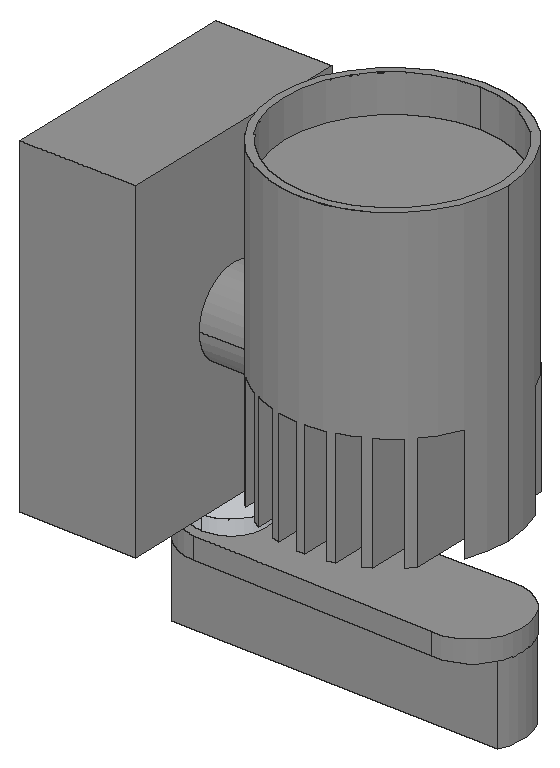
Revit family "2059798 Sylvania Lighting Fixture BEACON MUSE Xicato 4K O B DIM LS3 Black", category Lighting Fixtures, host Face, Revit 2016
Family settings
  Host = Face
  Part Type = Normal
  Round Connector Dimension = Use Diameter
  OmniClass Number = 23.80.70.00
  OmniClass Title = Lighting
  Cut with Voids When Loaded = No
  Light Source = Yes
  Shared = No
  Room Calculation Point = No
Parameters (values of type "2059798 BEACON MUSE XICATO 4K O/B DIM LS3 BLK")
  head from driver = 52 mm
  driver head distance = 15 mm
  ceiling drop = 180 mm
  Weight = "n/a"
  Wattage Comments = ""
  Wattage = 0 W
  WarrantyStartDate [instance] = "n/a"
  WarrantyGuarantorParts = ""
  WarrantyDurationUnit = "http://www.sylvania-lighting.com"
  WarrantyDurationParts = "n/a"
  WarrantyDescription = "0.95"
  built-in parameter 1150110 = 1 (stored number, unit not read)
  Voltage = 0 V
  URL = "\\\\svlondc02\\data\\R&D_Fixtures_General\\Dialux Admin\\Michael H\\Bim\\All ranges Feilo\\not Completed\\Beacon Xicato\\Beacon Muse Xicato\\2059798.ies"
  TypeName = "BEACON MUSE Xicato 4K O/B DIM LS3 Black"
  Type Image = <None>
  Type Comments = "n/a"
  built-in parameter 1114217 = 1 (stored number, unit not read)
  Tilt Angle = 90.00°
  built-in parameter 1150109 = 1 (stored number, unit not read)
  built-in parameter 1150134 = 3
  built-in parameter 1150113 = 1 (stored number, unit not read)
  SerialNumber [instance] = "n/a"
  Photometric Web File = "2059798.ies"
  Material_3_FEILO = none
  PowerFactor = 0
  PowerConsumption = "0"
  NominalLength = 0 mm
  NominalHeight = 0 mm
  NominalDepth = 0 mm
  Name = "BEACON MUSE Xicato 4K O/B DIM LS3 Black"
  ModelReference = Name  # "BEACON MUSE Xicato 4K O/B DIM LS3 Black"
  ModelNumber = "2059798"
  Model = Name  # "BEACON MUSE Xicato 4K O/B DIM LS3 Black"
  Material = ""
  ManufacturerName = ""
  Manufacturer = ""
  LuminousEfficacy = "100"
  built-in parameter 1150105 = (empty or 0)
  Lumens = 0 lm
  LuminaireType = "395/698 lm"
  built-in parameter 1150115 = 1 (stored number, unit not read)
  Lighting Material = none
  LightOutputRatio = "3"
  built-in parameter 1150137 = (empty or 0)
  built-in parameter 1150139 = (empty or 0)
  Light = none
  LampsType = Lamp  # "n/a"
  LampNominalLuminous = "LED"
  LampMacAdamStep = "16500"
  LampColourTemperature = "n/a"
  LampColourRenderingIndex = "n/a"
  built-in parameter 1150112 = 1 (stored number, unit not read)
  built-in parameter 1150114 = 1 (stored number, unit not read)
  Lamp = "n/a"
  Keynote = "0"
  InstallationDate [instance] = "n/a"
  InputVoltage = "IP20"
  InputNominalFrequency = "IK02"
  built-in parameter 1150132 = (empty or 0)
  built-in parameter 1150102 = (empty or 0)
  built-in parameter 1150107 = 3200 (stored number, unit not read)
  built-in parameter 1150138 = (empty or 0)
  IngressProtection = ""
  ImpactProtectionIndex = "Class II"
  built-in parameter 1150106 = (empty or 0)
  IfcExportType = "IfcLightFixtureType"
  IfcExportAs = "35"
  Head Length [instance] = 142 mm
  ExpectedLife = 50000
  Emit from Circle Diameter = 609.6 mm
  Emit Shape Visible in Rendering = no
  ElectricShockClassification = ""
  built-in parameter 1150104 = 13.8 (stored number, unit not read)
  DurationUnit = "hours"
  Driver Width = 85 mm
  DocumentationLiterature = "http://www.sylvania-lighting.com/product/en-int/products/2059798"
  DimmingControlOptions = "n/a"
  Material_2_FEILO = none
  Dimming Lamp Color Temperature Shift = <None>
  Diameter = 80 mm
  Description = "Integrated LED spotlight with Xicato Artist LED Module, black RAL 9005, unique soft-touch ring, adjustable beam angle from a 8° spot to a 55° flood, compact and minimalist design, ideal for museum, gallery and high-end retail applications, die-cast aluminium body, passive cooling heatsink, beam angle: 8° spot to 52° flood, optics: aspheric glass lens, colour temperature: 4000K neutral white, total system power: 20W, total fixture output: 395/698lm, luminaire efficacy: 35lm/W, LOR: 100%, colour rendering: Ra 97 typical, LED Chromacity: 3 step MacAdam ellipse, lifetime: >50,000 hours at L70B50, energy class: A++, A+, A, IR/UV free light source without heat radiation, operating voltage: 220-240V / 50-60Hz, drive current: 700mA, electronic driver, dimmable via on-board potentiometer, power factor: 0.9 electrical protection: CLASS II, 3-circuit track adaptor, suitable for Concord Lytespan 3 track, ingress protection rating: IP20, suitable for internal environment only, horizontal rotation: 355°, vertical tilt: 90°, dimensions: Ø80x135x176mm, weight: 0.95kg"
  Default Elevation = 115 mm
  CreatedOn = "02/07/2019"
  CreatedBy = "@sylvania-lighting.com"
  Cost = 0
  Color Filter = 16777215
  built-in parameter 1114216 [instance] = (empty or 0)
  ClassificationValue = "EF_70_80"
  ClassificationName = "Uniclass2015"
  Material_1_FEILO = none
  BarCode [instance] = "n/a"
  built-in parameter 1114218 = 1 (stored number, unit not read)
  built-in parameter 1150133 = 10 (stored number, unit not read)
  AssetType = "Fixed"
  AssetIdentifier [instance] = "n/a"
  Assembly Code = "D5020200"
  Apparent Load = 20 VA
  Material_4_FEILO = none
  Adaptor Width = 34.952 mm
  Adaptor Pivot = 24.952 mm
  Adaptor Inside Width = 16.53 mm
Reference planes
  plane 1 "Center (Front/Back)": y = 0
  plane 2: z = 0
  plane 3 "Center (Left/Right)": x = 0
  plane 4: y = 40
  plane 5: y = -40
  plane 6: x = -40
  plane 7: x = 40
  plane 8: z = 148
  plane 9: z = -14
  plane 10: x = -72.5
  plane 11: x = -112.5
  plane 12: z = 76
  plane 13: y = 42.5
  plane 14: y = -42.5
  plane 15: y = 17.476
  plane 16: y = -17.476
  plane 17: y = 12.476
  plane 18: y = -12.476
  plane 19: y = 8.265
  plane 20: y = -8.265
  plane 21: z = 5.5
  plane 22: z = 38
  plane 23: x = 35
  plane 24: x = 28
  plane 25: x = 25.5
  plane 26: x = 18.5
  plane 27: x = 16
  plane 28: x = 9
  plane 29: x = 6.5
  plane 30: x = -0.5
  plane 31: x = -3
  plane 32: x = -10
  plane 33: x = -12.5
  plane 34: x = -19.5
  plane 35: x = -22
  plane 36: x = -29
  plane 37: x = -31.5
  plane 38: x = -38.5
Forms (mm)
  Extrusion 1, solid, material "Aluminum", detail levels medium+fine
    sketch origin (0, 0, 0) x (1, 0, 0) y (0, 1, 0)
      loop
        circle (0, 0) r 40
    from 38 to 148
  Extrusion 2, solid, material "Aluminum", detail levels medium+fine
    sketch origin (17.5, 0, 0) x (1, 0, 0) y (0, 1, 0)
      loop
        line (-112.5, 42.5) -> (-112.5, -42.16) -> (-72.5, -42.16) -> (-72.5, 42.5) -> (-112.5, 42.5)
    from 18 to 133
  Extrusion 3, solid, material "Aluminum"
    sketch origin (336.5, 1524, 1219.2) x (0, 1, 0) y (0, 0, 1)
      loop
        circle (-1524, -1143.2) r 15
    from -391.5 to -373.374
  Extrusion 4, solid, detail levels fine
    sketch origin (16.702, -15.316, 18) x (0, 1, 0) y (1, 0, 0)
      loop
        circle (15.34, -72.5) r 12.5
    from 0 to 5
  Extrusion 5, solid, material "Aluminum", detail levels fine
    sketch origin (15.705, -27.856, 13) x (-1, 0, 0) y (0, 1, 0)
      loop
        arc (-11.998, 45.379) -> (-29.497, 27.722) -> (-11.683, 10.382) r 17.5
        line (-11.683, 10.382) -> (71.502, 11.879)
        arc (71.502, 11.879) -> (87.502, 27.879) -> (71.502, 43.879) r 16
        line (71.502, 43.879) -> (-11.998, 45.379)
    from 0 to 7.5
  Extrusion 6, void
    sketch origin (0, 0, 148) x (0, 1, 0) y (1, 0, 0)
      loop
        circle (0, 0) r 37.5
    from 0 to 15
  Extrusion 7, solid, material "Aluminum", detail levels fine
    sketch origin (17.5, 0, 0) x (1, 0, 0) y (0, 1, 0)
      loop
        arc (-87.012, 8.265) -> (-89.298, 0) -> (-87.012, -8.265) r 16.086
        line (-87.012, -8.265) -> (25.615, -8.265)
        arc (25.615, -8.265) -> (27.702, 0) -> (25.615, 8.265) r 17.405
        line (25.615, 8.265) -> (-87.012, 8.265)
    from -21.5 to 5.5
  Extrusion 8, solid, not visible
    sketch origin (0, 0, 0) x (1, 0, 0) y (0, 1, 0)
      loop
        circle (0, 0) r 57.5
    from 48 to 180
  Extrusion 9, void, not visible
    sketch origin (0, 0, 48) x (1, 0, 0) y (0, 1, 0)
      loop
        line (43.7, -85.519) -> (53.7, -85.519) -> (53.7, 68.594) -> (43.7, 68.594) -> (43.7, -85.519)
      loop
        line (39.9, -85.519) -> (39.9, 68.594) -> (29.9, 68.594) -> (29.9, -85.519) -> (39.9, -85.519)
      loop
        line (26.1, -85.519) -> (26.1, 68.594) -> (16.1, 68.594) -> (16.1, -85.519) -> (26.1, -85.519)
      loop
        line (12.3, -85.519) -> (12.3, 68.594) -> (2.3, 68.594) -> (2.3, -85.519) -> (12.3, -85.519)
      loop
        line (-1.5, -85.519) -> (-1.5, 68.594) -> (-11.5, 68.594) -> (-11.5, -85.519) -> (-1.5, -85.519)
      loop
        line (-15.3, -85.519) -> (-15.3, 68.594) -> (-25.3, 68.594) -> (-25.3, -85.519) -> (-15.3, -85.519)
      loop
        line (-29.1, -85.519) -> (-29.1, 68.594) -> (-39.1, 68.594) -> (-39.1, -85.519) -> (-29.1, -85.519)
      loop
        line (-42.9, -85.519) -> (-42.9, 68.594) -> (-52.9, 68.594) -> (-52.9, -85.519) -> (-42.9, -85.519)
    from 0 to 60
  Extrusion 10, solid, not visible
    sketch origin (319, 1524, 1219.2) x (0, 1, 0) y (0, 0, 1)
      loop
        circle (-1524, -1143.2) r 15
    from -391.5 to -361.9
  Extrusion 11, void, not visible
    sketch origin (0, 0, 180) x (0, 1, 0) y (1, 0, 0)
      loop
        circle (0, 0) r 53
    from 0 to 15
  Extrusion 12, solid, not visible
    sketch origin (0, 0, 0) x (1, 0, 0) y (0, 1, 0)
      loop
        circle (0, 0) r 57.5
    from 48 to 180
  Extrusion 13, solid, not visible
    sketch origin (0, 0, 0) x (1, 0, 0) y (0, 1, 0)
      loop
        line (-112.5, 42.5) -> (-112.5, -42.16) -> (-72.5, -42.16) -> (-72.5, 42.5) -> (-112.5, 42.5)
    from 18 to 133
  Extrusion 14, void, not visible
    sketch origin (0, 0, 48) x (1, 0, 0) y (0, 1, 0)
      loop
        line (43.7, -85.519) -> (53.7, -85.519) -> (53.7, 68.594) -> (43.7, 68.594) -> (43.7, -85.519)
      loop
        line (39.9, -85.519) -> (39.9, 68.594) -> (29.9, 68.594) -> (29.9, -85.519) -> (39.9, -85.519)
      loop
        line (26.1, -85.519) -> (26.1, 68.594) -> (16.1, 68.594) -> (16.1, -85.519) -> (26.1, -85.519)
      loop
        line (12.3, -85.519) -> (12.3, 68.594) -> (2.3, 68.594) -> (2.3, -85.519) -> (12.3, -85.519)
      loop
        line (-1.5, -85.519) -> (-1.5, 68.594) -> (-11.5, 68.594) -> (-11.5, -85.519) -> (-1.5, -85.519)
      loop
        line (-15.3, -85.519) -> (-15.3, 68.594) -> (-25.3, 68.594) -> (-25.3, -85.519) -> (-15.3, -85.519)
      loop
        line (-29.1, -85.519) -> (-29.1, 68.594) -> (-39.1, 68.594) -> (-39.1, -85.519) -> (-29.1, -85.519)
      loop
        line (-42.9, -85.519) -> (-42.9, 68.594) -> (-52.9, 68.594) -> (-52.9, -85.519) -> (-42.9, -85.519)
    from 0 to 60
  Extrusion 15, solid, not visible
    sketch origin (319, 1524, 1219.2) x (0, 1, 0) y (0, 0, 1)
      loop
        circle (-1524, -1143.2) r 15
    from -391.5 to -361.9
  Extrusion 16, void, not visible
    sketch origin (0, 0, 180) x (0, 1, 0) y (1, 0, 0)
      loop
        circle (0, 0) r 53
    from 0 to 15
  Extrusion 17, solid, not visible
    sketch origin (0, 0, 0) x (1, 0, 0) y (0, 1, 0)
      loop
        circle (0, 0) r 57.5
    from 48 to 180
  Extrusion 18, solid, not visible
    sketch origin (0, 0, 0) x (1, 0, 0) y (0, 1, 0)
      loop
        line (-112.5, 42.5) -> (-112.5, -42.16) -> (-72.5, -42.16) -> (-72.5, 42.5) -> (-112.5, 42.5)
    from 18 to 133
  Extrusion 19, void, not visible
    sketch origin (0, 0, 48) x (1, 0, 0) y (0, 1, 0)
      loop
        line (43.7, -85.519) -> (53.7, -85.519) -> (53.7, 68.594) -> (43.7, 68.594) -> (43.7, -85.519)
      loop
        line (39.9, -85.519) -> (39.9, 68.594) -> (29.9, 68.594) -> (29.9, -85.519) -> (39.9, -85.519)
      loop
        line (26.1, -85.519) -> (26.1, 68.594) -> (16.1, 68.594) -> (16.1, -85.519) -> (26.1, -85.519)
      loop
        line (12.3, -85.519) -> (12.3, 68.594) -> (2.3, 68.594) -> (2.3, -85.519) -> (12.3, -85.519)
      loop
        line (-1.5, -85.519) -> (-1.5, 68.594) -> (-11.5, 68.594) -> (-11.5, -85.519) -> (-1.5, -85.519)
      loop
        line (-15.3, -85.519) -> (-15.3, 68.594) -> (-25.3, 68.594) -> (-25.3, -85.519) -> (-15.3, -85.519)
      loop
        line (-29.1, -85.519) -> (-29.1, 68.594) -> (-39.1, 68.594) -> (-39.1, -85.519) -> (-29.1, -85.519)
      loop
        line (-42.9, -85.519) -> (-42.9, 68.594) -> (-52.9, 68.594) -> (-52.9, -85.519) -> (-42.9, -85.519)
    from 0 to 60
  Extrusion 20, solid, not visible
    sketch origin (319, 1524, 1219.2) x (0, 1, 0) y (0, 0, 1)
      loop
        circle (-1524, -1143.2) r 15
    from -391.5 to -361.9
  Extrusion 21, solid, not visible
    sketch origin (-0.798, -15.316, 18) x (0, 1, 0) y (1, 0, 0)
      loop
        circle (15.34, -72.5) r 12.5
    from 0 to 5
  Extrusion 22, solid, not visible
    sketch origin (-1.795, -27.856, 13) x (-1, 0, 0) y (0, 1, 0)
      loop
        arc (-11.998, 45.379) -> (-29.497, 27.722) -> (-11.683, 10.382) r 17.5
        line (-11.683, 10.382) -> (71.502, 11.879)
        arc (71.502, 11.879) -> (87.502, 27.879) -> (71.502, 43.879) r 16
        line (71.502, 43.879) -> (-11.998, 45.379)
    from 0 to 7.5
  Extrusion 23, void, not visible
    sketch origin (0, 0, 180) x (0, 1, 0) y (1, 0, 0)
      loop
        circle (0, 0) r 53
    from 0 to 15
  Extrusion 24, solid, not visible
    sketch origin (0, 0, 0) x (1, 0, 0) y (0, 1, 0)
      loop
        circle (0, 0) r 57.5
    from 48 to 180
  Extrusion 25, solid, not visible
    sketch origin (0, 0, 0) x (1, 0, 0) y (0, 1, 0)
      loop
        line (-112.5, 42.5) -> (-112.5, -42.16) -> (-72.5, -42.16) -> (-72.5, 42.5) -> (-112.5, 42.5)
    from 18 to 133
  Extrusion 26, void, not visible
    sketch origin (0, 0, 48) x (1, 0, 0) y (0, 1, 0)
      loop
        line (43.7, -85.519) -> (53.7, -85.519) -> (53.7, 68.594) -> (43.7, 68.594) -> (43.7, -85.519)
      loop
        line (39.9, -85.519) -> (39.9, 68.594) -> (29.9, 68.594) -> (29.9, -85.519) -> (39.9, -85.519)
      loop
        line (26.1, -85.519) -> (26.1, 68.594) -> (16.1, 68.594) -> (16.1, -85.519) -> (26.1, -85.519)
      loop
        line (12.3, -85.519) -> (12.3, 68.594) -> (2.3, 68.594) -> (2.3, -85.519) -> (12.3, -85.519)
      loop
        line (-1.5, -85.519) -> (-1.5, 68.594) -> (-11.5, 68.594) -> (-11.5, -85.519) -> (-1.5, -85.519)
      loop
        line (-15.3, -85.519) -> (-15.3, 68.594) -> (-25.3, 68.594) -> (-25.3, -85.519) -> (-15.3, -85.519)
      loop
        line (-29.1, -85.519) -> (-29.1, 68.594) -> (-39.1, 68.594) -> (-39.1, -85.519) -> (-29.1, -85.519)
      loop
        line (-42.9, -85.519) -> (-42.9, 68.594) -> (-52.9, 68.594) -> (-52.9, -85.519) -> (-42.9, -85.519)
    from 0 to 60
  Extrusion 27, solid, not visible
    sketch origin (319, 1524, 1219.2) x (0, 1, 0) y (0, 0, 1)
      loop
        circle (-1524, -1143.2) r 15
    from -391.5 to -361.9
  Extrusion 28, solid, not visible
    sketch origin (-0.798, -15.316, 18) x (0, 1, 0) y (1, 0, 0)
      loop
        circle (15.34, -72.5) r 12.5
    from 0 to 5
  Extrusion 29, solid, not visible
    sketch origin (-1.795, -27.856, 13) x (-1, 0, 0) y (0, 1, 0)
      loop
        arc (-11.998, 45.379) -> (-29.497, 27.722) -> (-11.683, 10.382) r 17.5
        line (-11.683, 10.382) -> (71.502, 11.879)
        arc (71.502, 11.879) -> (87.502, 27.879) -> (71.502, 43.879) r 16
        line (71.502, 43.879) -> (-11.998, 45.379)
    from 0 to 7.5
  Extrusion 30, void, not visible
    sketch origin (0, 0, 180) x (0, 1, 0) y (1, 0, 0)
      loop
        circle (0, 0) r 53
    from 0 to 15
  Extrusion 31, solid, not visible
    sketch origin (0, 0, 0) x (1, 0, 0) y (0, 1, 0)
      loop
        arc (-87.012, 8.265) -> (-89.298, 0) -> (-87.012, -8.265) r 16.086
        line (-87.012, -8.265) -> (25.615, -8.265)
        arc (25.615, -8.265) -> (27.702, 0) -> (25.615, 8.265) r 17.405
        line (25.615, 8.265) -> (-87.012, 8.265)
    from -21.5 to 5.5
  Extrusion 32, solid, material "Glass, White, High Luminance", detail levels medium+fine
    sketch origin (0, 0, 133) x (0, 1, 0) y (-1, 0, 0)
      loop
        circle (0, 0) r 37.5
    from 0 to 2
  Extrusion 33, void
    sketch origin (2, 0, 38) x (1, 0, 0) y (0, 1, 0)
      loop
        line (35, 50.956) -> (28, 50.956) -> (28, -46.879) -> (35, -46.879) -> (35, 50.956)
      loop
        line (25.5, 50.956) -> (18.5, 50.956) -> (18.5, -46.879) -> (25.5, -46.879) -> (25.5, 50.956)
      loop
        line (9, 50.956) -> (9, -46.879) -> (16, -46.879) -> (16, 50.956) -> (9, 50.956)
      loop
        line (-0.316, 50.956) -> (-0.316, -46.879) -> (6.5, -46.879) -> (6.5, 50.956) -> (-0.316, 50.956)
      loop
        line (-10, 50.956) -> (-10, -46.879) -> (-3, -46.879) -> (-3, 50.956) -> (-10, 50.956)
      loop
        line (-19.5, 50.956) -> (-19.5, -46.879) -> (-12.5, -46.879) -> (-12.5, 50.956) -> (-19.5, 50.956)
      loop
        line (-29, 50.956) -> (-29, -46.879) -> (-22, -46.879) -> (-22, 50.956) -> (-29, 50.956)
      loop
        line (-38.5, 50.956) -> (-38.5, -46.879) -> (-31.5, -46.879) -> (-31.5, 50.956) -> (-38.5, 50.956)
    from 0 to 40
  Extrusion 34, solid, detail levels coarse
    sketch origin (0, 0, 148) x (1, 0, 0) y (0, 1, 0)
      loop
        line (-95, 42.5) -> (-95, -42.16) -> (45, -42.16) -> (45, 42.5) -> (-95, 42.5)
    from -169.5 to 0
Cuts and joins
  Extrusion 6, Extrusion 33 cuts Extrusion 1
Lines and regions (mm)
  reference lines
    curve 1: line (-55.798, 12.524, 13) -> (-55.798, -12.476, 13)
    curve 2: line (-43.298, -15.316, 13) -> (-68.298, -15.316, 13)
  reference lines, not visible
    curve 3: line (-73.298, 12.524, 13) -> (-73.298, -12.476, 13)
    curve 4: line (-60.798, -15.316, 13) -> (-85.798, -15.316, 13)
    curve 5: line (-73.298, 12.524, 13) -> (-73.298, -12.476, 13)
    curve 6: line (-60.798, -15.316, 13) -> (-85.798, -15.316, 13)
Dimensions and locks
  "Diameter": plane 6 to plane 7
  equal spacing: plane 6, plane 3 "Center (Left/Right)", plane 7
  "Diameter": plane 4 to plane 5
  equal spacing: plane 4, plane 1 "Center (Front/Back)", plane 5
  plane 8 to level = 148 mm
  locked: plane 8 to plane 9 at 162
  "Driver Width": plane 13 to plane 14
  equal spacing: plane 13, plane 1 "Center (Front/Back)", plane 14
  "Adaptor Width": plane 15 to plane 16
  "Adaptor Pivot": plane 17 to plane 18
  equal spacing: plane 17, plane 1 "Center (Front/Back)", plane 18
  "Adaptor Inside Width": plane 19 to plane 20
  equal spacing: plane 19, plane 1 "Center (Front/Back)", plane 20
  "head from driver": plane 22 to plane 9
  aligned and locked: plane 2 to host face
  aligned and locked: level to host face
  aligned and locked: Extrusion 1 to plane 22
Automatic sketch dimensions
  host sketch curve to host sketch curve = 2438.4 mm  (x2)
  Extrusion 5 sketch curve to Extrusion 5 sketch curve = 83.185 mm
  Extrusion 5 sketch curve to Extrusion 5 sketch curve = 0.315 mm
  Extrusion 5 sketch curve to Extrusion 5 sketch curve = 1.5 mm
  Extrusion 5 sketch curve to Extrusion 5 sketch curve = 17.5 mm
  Extrusion 7 sketch curve to Extrusion 7 sketch curve = 15.318 mm
  Extrusion 9 sketch curve to Extrusion 9 sketch curve = 10 mm  (x8)
  Extrusion 9 sketch curve to Extrusion 9 sketch curve = 3.8 mm  (x7)
  Extrusion 9 sketch curve to Extrusion 9 sketch curve = 0 mm  (x14)
  Extrusion 9 sketch curve to Extrusion 9 sketch curve = 154.113 mm
  Extrusion 2 sketch curve to Extrusion 2 sketch curve = 40 mm
  Extrusion 2 sketch curve to Extrusion 2 sketch curve = 84.66 mm
  Extrusion 14 sketch curve to Extrusion 14 sketch curve = 10 mm  (x8)
  Extrusion 14 sketch curve to Extrusion 14 sketch curve = 3.8 mm  (x7)
  Extrusion 14 sketch curve to Extrusion 14 sketch curve = 0 mm  (x14)
  Extrusion 14 sketch curve to Extrusion 14 sketch curve = 154.113 mm
  Extrusion 13 sketch curve to Extrusion 13 sketch curve = 40 mm
  Extrusion 13 sketch curve to Extrusion 13 sketch curve = 84.66 mm
  Extrusion 19 sketch curve to Extrusion 19 sketch curve = 10 mm  (x8)
  Extrusion 19 sketch curve to Extrusion 19 sketch curve = 3.8 mm  (x7)
  Extrusion 19 sketch curve to Extrusion 19 sketch curve = 0 mm  (x14)
  Extrusion 19 sketch curve to Extrusion 19 sketch curve = 154.113 mm
  Extrusion 22 sketch curve to Extrusion 22 sketch curve = 83.185 mm
  Extrusion 22 sketch curve to Extrusion 22 sketch curve = 0.315 mm
  Extrusion 22 sketch curve to Extrusion 22 sketch curve = 1.5 mm
  Extrusion 22 sketch curve to Extrusion 22 sketch curve = 17.5 mm
  Extrusion 18 sketch curve to Extrusion 18 sketch curve = 40 mm
  Extrusion 18 sketch curve to Extrusion 18 sketch curve = 84.66 mm
  Extrusion 7 sketch curve to Extrusion 7 sketch curve = 0 mm  (x2)
  Extrusion 7 sketch curve to Extrusion 7 sketch curve = 13.8 mm
  Extrusion 7 sketch curve to Extrusion 7 sketch curve = 83.509 mm
  Extrusion 7 sketch curve to Extrusion 7 sketch curve = 8.265 mm
  Extrusion 26 sketch curve to Extrusion 26 sketch curve = 10 mm  (x8)
  Extrusion 26 sketch curve to Extrusion 26 sketch curve = 3.8 mm  (x7)
  Extrusion 26 sketch curve to Extrusion 26 sketch curve = 0 mm  (x14)
  Extrusion 26 sketch curve to Extrusion 26 sketch curve = 154.113 mm
  Extrusion 29 sketch curve to Extrusion 29 sketch curve = 83.185 mm
  Extrusion 29 sketch curve to Extrusion 29 sketch curve = 0.315 mm
  Extrusion 29 sketch curve to Extrusion 29 sketch curve = 1.5 mm
  Extrusion 29 sketch curve to Extrusion 29 sketch curve = 17.5 mm
  Extrusion 31 sketch curve to Extrusion 31 sketch curve = 15.318 mm
  Extrusion 25 sketch curve to Extrusion 25 sketch curve = 40 mm
  Extrusion 25 sketch curve to Extrusion 25 sketch curve = 84.66 mm
  Extrusion 31 sketch curve to Extrusion 31 sketch curve = 0 mm  (x2)
  Extrusion 31 sketch curve to Extrusion 31 sketch curve = 13.8 mm
  Extrusion 31 sketch curve to Extrusion 31 sketch curve = 83.509 mm
  Extrusion 31 sketch curve to Extrusion 31 sketch curve = 8.265 mm
  Extrusion 7 sketch curve to plane 19 = 0 mm
  plane 10 to Extrusion 7 sketch curve = 2.988 mm
  Extrusion 2 to Extrusion 4 sketch curve = 0.798 mm
  Extrusion 2 to Extrusion 4 sketch curve = 42.184 mm
  curve 2 to curve 1 = 2.84 mm
  curve 1 to curve 1 = 25 mm
  curve 2 to curve 1 = 12.5 mm
  curve 1 to curve 2 = 12.5 mm
  plane 11 to Extrusion 2 sketch curve = 17.5 mm
  plane 13 to Extrusion 2 sketch curve = 0 mm
  plane 1 "Center (Front/Back)" to Extrusion 1 sketch curve = 0 mm
  Extrusion 1 sketch curve to plane 3 "Center (Left/Right)" = 0 mm
  Extrusion 3 sketch curve to plane 1 "Center (Front/Back)" = 0 mm
  plane 12 to Extrusion 3 sketch curve = 0 mm
  Extrusion 33 sketch curve to Extrusion 33 sketch curve = 7 mm  (x7)
  Extrusion 33 sketch curve to Extrusion 33 sketch curve = 2.5 mm  (x6)
  Extrusion 33 sketch curve to Extrusion 33 sketch curve = 2.684 mm
  Extrusion 33 sketch curve to Extrusion 33 sketch curve = 6.816 mm
  Extrusion 33 sketch curve to Extrusion 33 sketch curve = 0 mm  (x14)
  Extrusion 33 sketch curve to Extrusion 33 sketch curve = 97.836 mm
  Extrusion 34 sketch curve to Extrusion 34 sketch curve = 140 mm
  Extrusion 34 sketch curve to Extrusion 34 sketch curve = 84.66 mm
  radius of Extrusion 1 sketch curve = 40 mm
  radius of Extrusion 3 sketch curve = 15 mm
  radius of Extrusion 4 sketch curve = 12.5 mm
  radius of Extrusion 4 to Extrusion 5 sketch curve = 3.5 mm
  radius of Extrusion 6 sketch curve = 37.5 mm
  radius of Extrusion 8 sketch curve = 57.5 mm
  radius of Extrusion 10 sketch curve = 15 mm
  radius of Extrusion 11 sketch curve = 53 mm
  radius of Extrusion 12 sketch curve = 57.5 mm
  radius of Extrusion 15 sketch curve = 15 mm
  radius of Extrusion 16 sketch curve = 53 mm
  radius of Extrusion 17 sketch curve = 57.5 mm
  radius of Extrusion 20 sketch curve = 15 mm
  radius of Extrusion 21 sketch curve = 12.5 mm
  radius of Extrusion 21 to Extrusion 22 sketch curve = 3.5 mm
  radius of Extrusion 23 sketch curve = 53 mm
  radius of Extrusion 24 sketch curve = 57.5 mm
  radius of Extrusion 27 sketch curve = 15 mm
  radius of Extrusion 28 sketch curve = 12.5 mm
  radius of Extrusion 28 to Extrusion 29 sketch curve = 3.5 mm
  radius of Extrusion 30 sketch curve = 53 mm
  radius of Extrusion 32 sketch curve to Extrusion 6 = 0 mm
Connectors
  electrical at (-13.199, 0, -21.5)
    settings: on Extrusion 7, index 1, voltage 0 V, apparent load 0 VA, apparent load phase1 0 VA, apparent load phase2 0 VA, apparent load phase3 0 VA, power factor 1, load classification "Other", number of poles 1, system type 31, power factor state 1, is connector primary yes, connector utility no, sub classification motor no, connector description ""
